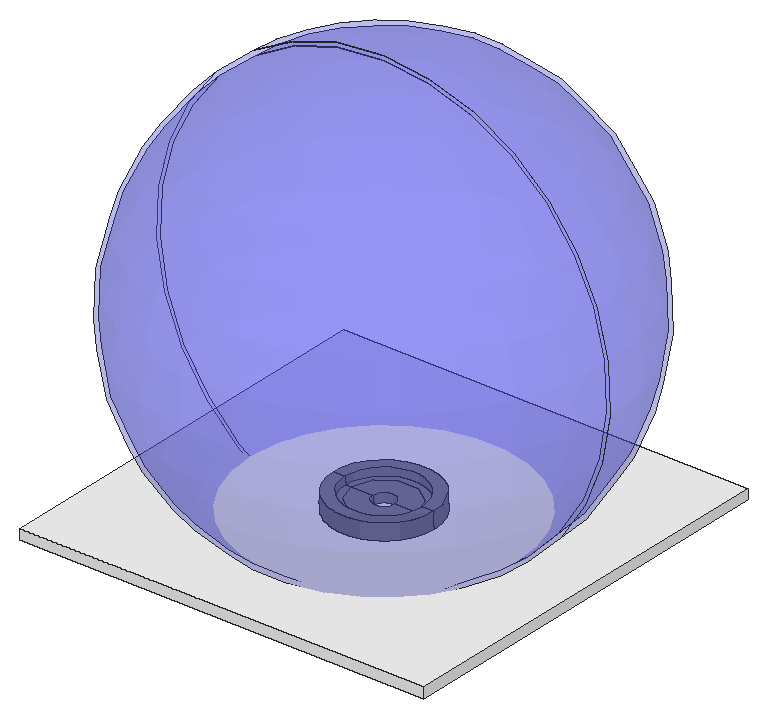
Revit family "BE_84093_de_DE", category Leuchten, Revit 2020
Family settings
  Basisbauteil = Fläche
  Bemaßung runder Anschluss = Durchmesser verwenden
  Teiletyp = Normal
  Beim Laden mit Abzugskörper schneiden = Ja
  Lichtquelle = Ja
  Gemeinsam genutzt = Nein
  Raumberechnungspunkt = Ja
Parameters (values of type "BEGA_84093_Grafit_K4")
  built-in parameter 1150104 = 16.091 (stored number, unit not read)
  Wattage = 27.6 W
  Default Elevation = 0 mm
  built-in parameter 1150113 = 1 (stored number, unit not read)
  built-in parameter 1114218 = 1 (stored number, unit not read)
  Umgebungstemperatur = "25 °C"
  URL = "https://www.bega.com/de/produkt/84093"
  Typenkommentare = "© 2022 BEGA. Wir behalten uns das Recht vor, technische Änderungen ohne vorherige Ankündigung vorzunehmen."  # constant formula
  Type Image = 84093.png
  built-in parameter 1150134 = 12
  built-in parameter 1150109 = 1 (stored number, unit not read)
  Strom = ""
  built-in parameter 1150110 = 1 (stored number, unit not read)
  Spannung = 239.996 V
  Sonderanfertigung = no
  Seriennummer [instance] = "Hier können Sie die eindeutige Seriennummer für das Facility Management eintragen."
  Schutzklasse = "I"
  Schutzart = "IP 65"
  Scheinlast = 0 VA
  Produktdatenblatt = "https://cdn.bega.com/bega/products/84093K4/current/documents/data-sheets/de"
  Oberflächentemperatur = ""
  Neigungswinkel = 0.00°
  Modell = "84093K4"
  Material_17 = BEGA_Reflektor
  Material_15 = BEGA_Leuchtmedium_matt
  Material_14 = BEGA_Kunststoff_opal
  Material_11 = BEGA_Glas_opal
  Material_09 = BEGA_Glas_klar
  Material_06 = BEGA_Oberfläche_Edelstahl_gebürstet
  Material_03 = BEGA_Oberfläche_Weiss_matt
  Material_02 = BEGA_Oberfläche_Silber_matt
  Material_01 [instance] = BEGA_Oberfläche_Grafit_matt
  M_W = no
  M_G = yes
  M_A = no
  Logo = 0
  built-in parameter 1114217 = 1 (stored number, unit not read)
  built-in parameter 1150139 = (empty or 0)
  built-in parameter 1150105 = 380.41 (stored number, unit not read)
  built-in parameter 1150114 = 1 (stored number, unit not read)
  Lumens = 4780.32 lm
  built-in parameter 1150115 = 1 (stored number, unit not read)
  Leuchtenlichtstrom = "4241 lm"
  Leuchtenanzahl = ""
  Lebensdauerkriterien = "L70B50 @ 25 °C = 200000 h"
  Lastklassifizierung = Beleuchtung
  built-in parameter 1150112 = 1 (stored number, unit not read)
  Lampenlichtstrom = "5010 lm"
  Lampe = "LED 27 W"
  LED_Modulbezeichnung = "6x LED-0539/840"
  built-in parameter 1150142 = (empty or 0)
  Hersteller = "BEGA"  # constant formula
  Halbstreuwinkel = ""
  Gewicht = "4.6 kg"
  Gebrauchslageneinschränkung [instance] = ""
  Frequenz = "0/50-60 Hz"
  Farbwiedergabeindex = "CRI > 80"
  Farbtemperaturverschiebung bei Dämpfen der Lampe = <Keine Auswahl>
  Farbtemperatur = "4000 K"
  Color Filter = 16777215
  built-in parameter 1150133 = 10 (stored number, unit not read)
  Energieeffizienzklasse = "LED A++ - A"
  built-in parameter 1150137 = (empty or 0)
  built-in parameter 1150132 = (empty or 0)
  ENEC = "ja"
  Dimmbar [instance] = "DALI"
  Datei für fotometrisches Netz = "BE_84093K4.IES"
  CE_Konformität = "ja"
  Bestellnummer = "84093K4"
  Beschreibung_Sonderanfertigung = "Hier können Sie Informationen zur Sonderanfertigung eintragen."
  Beschreibung = "Aufsatzleuchte"
  built-in parameter 1150106 = 3.8041 (stored number, unit not read)
  Befestigungsbohrung = ""
  Befestigungsabstand = ""
  Ballwurfsicher = ""
  BEGA_Intern_aus = yes
  BEGA_Intern_an = yes
  BEGA_Intern_Konstruktion = yes
  BEGA_Intern = yes
  BEGA_IES = yes
  BEGA_Dummy = no
  Anschlussleitung = "3.0 m X05BQ-F 5 G 1 mm²"
  Anschlussleistung [instance] = "30 W"
  built-in parameter 1150107 = 4000 (stored number, unit not read)
  built-in parameter 1150102 = (empty or 0)
  built-in parameter 1150138 = (empty or 0)
  Aktualisierung = "2022-05-19T04:00:07"
  Abstand_zur_angestrahlten_Fläche [instance] = ""
  AC/DC = "AC/DC"
Types (2, lengths in mm): name | built-in parameter 1150104 | built-in parameter 1150134 | Modell | built-in parameter 1150105 | Lumens | Leuchtenlichtstrom | Lampenlichtstrom | LED_Modulbezeichnung | Farbtemperatur | Datei für fotometrisches Netz | Bestellnummer | built-in parameter 1150106 | built-in parameter 1150107
  BEGA_84093_Grafit_K4 | 16.091 (stored number, unit not read) | 12 | "84093K4" | 380.41 (stored number, unit not read) | 4780.32 lm | "4241 lm" | "5010 lm" | "6x LED-0539/840" | "4000 K" | "BE_84093K4.IES" | "84093K4" | 3.8041 (stored number, unit not read) | 4000 (stored number, unit not read)
  BEGA_84093_Grafit_K3 | 14.892 (stored number, unit not read) | (empty or 0) | "84093K3" | 352.07 (stored number, unit not read) | 4424.28 lm | "4165 lm" | "4920 lm" | "6x LED-0539/830" | "3000 K" | "BE_84093K3.IES" | "84093K3" | 3.5207 (stored number, unit not read) | 3000 (stored number, unit not read)
Reference planes
  plane 1 "Mitte (Vorne/Hinten)": y = 0
  plane 2: z = 0
  plane 3 "Mitte (Links/Rechts)": x = 0
  plane 4 "Links": x = -225
  plane 5 "Rechts": x = 225
  plane 6 "Unten": y = -225
  plane 7 "Oben": y = 225
  plane 8 "Vorne": z = 401.045
  plane 9 "Hinten": z = -47
Forms (mm)
  Extrusion 1, solid, material "BEGA_Platte_Weiss"
    sketch origin (0, -1119.2, 0) x (1, 0, 0) y (0, 1, 0)
      loop
        line (-200, 1319.2) -> (-200, 919.2) -> (200, 919.2) -> (200, 1319.2) -> (-200, 1319.2)
    from 0 to -10
  Extrusion 2, solid, material "BEGA_Dummy_matt", visible <- "BEGA_Dummy"
    sketch origin (77.149, -76.023, 0) x (1, 0, 0) y (0, 1, 0)
      loop
        circle (-77.149, 76.023) r 225
    from -47 to 401.045
Dimensions and locks
  plane 1 "Mitte (Vorne/Hinten)" to Extrusion 1 = 200 mm
  aligned and locked: plane 2 to Extrusion 1
  aligned and locked: level to Extrusion 1
Nested families
  nested 1: "BE_84093" at (0, 0, 0), type "BE_84093"
Connectors
  electrical at (0, 0, 0), driven by "Lastklassifizierung", driven by "Spannung", driven by "Scheinlast"
    settings: index 1, voltage 239.996 V, apparent load 0 VA, apparent load phase1 0 VA, apparent load phase2 0 VA, apparent load phase3 0 VA, power factor 1, load classification "Beleuchtung", number of poles 1, system type 31, power factor state 1, is connector primary yes, connector utility no, sub classification motor no, connector description ""
Definition of nested family "BE_84093"
  Parameters (values of type "BE_84093")
    Default Elevation = 1 mm
    URL = "http://www.bega.de/de/produkt"
    Type Comments = "© 2015 BEGA. Wir behalten uns das Recht vor, technische Änderungen ohne vorherige Ankündigung vorzunehmen. "  # constant formula
    Type Image = (empty or 0)
    Neigungswinkel_um_Z2 = 0.00°
    Neigungswinkel_um_Z1 = 0.00°
    Neigungswinkel_um_Y2 = 0.00°
    Neigungswinkel_um_Y1 = 0.00°
    Neigungswinkel_um_X2 = 0.00°
    Neigungswinkel_um_X1 = 0.00°
    Material_17 = none
    Material_15 = none
    Material_14 = none
    Material_11 = none
    Material_09 = none
    Material_06 = none
    Material_02 = none
    Material_01 = none
    M_W = yes
    M_G = yes
    M_A = yes
    Länge_Platte = 200 mm  # constant formula
    Höhe_Platte = -10 mm  # constant formula
    Manufacturer = "BEGA"  # constant formula
    Drehwinkel_um_Z2 = 0.00°
    Drehwinkel_um_Z1 = 0.00°
    Breite_Platte = 200 mm  # constant formula
  Reference planes
    plane 1 "Mitte (Oben/Unten)": y = 0
    plane 2: z = 0
    plane 3 "Mitte (Links/Rechts)": x = 0
    plane 4 "Hinten": z = -100
    plane 5 "Links": x = -225
    plane 6 "Rechts": x = 225
    plane 7 "Oben": y = 225
    plane 8 "Unten": y = -225
    plane 9: z = 401.045
  Forms (mm)
    Extrusion 1, solid, detail levels medium
      sketch origin (0, 0, 0) x (1, 0, 0) y (0, 1, 0)
        loop
          line (-100, 100) -> (-100, -100) -> (100, -100) -> (100, 100) -> (-100, 100)
      from 0 to -10 <- "Höhe_Platte"
    Revolve 2, solid, material <- "Material_14"
      sketch origin (0, 0, 0) x (1, 0, 0) y (0, 0, 1)
        loop
          line (0, 397.039) -> (0, 401.039)
          arc (0, 401.039) -> (-218.499, 229.732) -> (-104.285, -23.335) r 225
          line (-104.285, -23.335) -> (-100, -19.05) -> (-84.75, -19.05) -> (-84.75, -24.05) -> (-82.84, -24.05) -> (-81.5, -19.05) -> (-81.5, -18.05)
          arc (-81.5, -18.05) -> (-82.379, -15.929) -> (-84.5, -15.05) r 3
          line (-84.5, -15.05) -> (-101.657, -15.05) -> (-105.021, -18.414)
          arc (-105.021, -18.414) -> (-214.26, 230.201) -> (0, 397.039) r 221
        axis (0, -24.05) -> (0, 401.039)
      angle from 0 to 360
    Revolve 3, solid, material <- "Material_01"
      sketch origin (0, 0, 0) x (1, 0, 0) y (0, 0, 1)
        loop
          line (-100.875, -21.875) -> (-103.252, -24.252)
          arc (-103.252, -24.252) -> (-75.136, -36.426) -> (-45.627, -44.667) r 225
          line (-45.627, -44.667) -> (-45, -26.7) -> (-34.077, -26.7) -> (-34.041, -4.3) -> (-36.354, -4.3) -> (-36.34, 4.7) -> (-13.812, 4.7) -> (-12.5, -10.3) -> (-9.288, -10.3) -> (-10.155, -0.387) -> (-10.88, 7.9) -> (-32.231, 7.9) -> (-38, 7.9) -> (-38.262, 15.4) -> (-49.738, 15.4) -> (-51.674, -40.039)
          arc (-51.674, -40.039) -> (-76.813, -32.416) -> (-100.875, -21.875) r 221.8
        axis (0, -44.667) -> (0, 15.4)
      angle from 0 to 360
    Revolve 4, solid, material <- "Material_01"
      sketch origin (0, 0, 0) x (1, 0, 0) y (0, 0, 1)
        loop
          line (-33.5, -29.768) -> (-37.916, -29.768) -> (-42.675, -29.934)
          arc (-42.675, -29.934) -> (-44.025, -30.525) -> (-44.604, -31.881) r 2
          line (-44.604, -31.881) -> (-44.804, -39.515) -> (-44.94, -44.721)
          arc (-44.94, -44.721) -> (-40.118, -45.929) -> (-35.264, -47) r 174.993
          line (-35.264, -47) -> (-31.82, -47) -> (-31.763, -43.719) -> (-31, 0) -> (-22.654, 0) -> (-22.5, 4.4) -> (-33.5, 4.4) -> (-33.5, -29.768)
        axis (0, -47) -> (0, 4.4)
      angle from 0 to 360
  Dimensions and locks
    equal spacing: Extrusion 1 sketch curve, plane 3 "Mitte (Links/Rechts)", Extrusion 1 sketch curve
    equal spacing: Extrusion 1 sketch curve, plane 1 "Mitte (Oben/Unten)", Extrusion 1 sketch curve
    "Länge_Platte": Extrusion 1 sketch curve to Extrusion 1 sketch curve
    "Breite_Platte": Extrusion 1 sketch curve to Extrusion 1 sketch curve
    aligned and locked: plane 2 to Extrusion 1
    aligned and locked: level to Extrusion 1
  Automatic sketch dimensions
    Revolve 2 sketch curve to Revolve 2 sketch curve = 0 mm  (x5)
    Revolve 2 sketch curve to plane 3 "Mitte (Links/Rechts)" = 0 mm  (x2)
    Revolve 2 sketch curve to level = 19.05 mm  (x2)
    Revolve 2 sketch curve to plane 3 "Mitte (Links/Rechts)" = 81.5 mm
    Revolve 2 sketch curve to Revolve 2 sketch curve = 1.34 mm
    Revolve 2 sketch curve to Revolve 2 sketch curve = 3 mm
    Revolve 2 sketch curve to Revolve 2 sketch curve = 0.25 mm
    Revolve 2 sketch curve to Revolve 2 sketch curve = 15.25 mm
    Revolve 2 sketch curve to Revolve 2 sketch curve = 1.657 mm
    Revolve 2 sketch curve to level = 23.335 mm
    Revolve 2 sketch curve to Revolve 2 sketch curve = 4.285 mm
    Revolve 2 sketch curve to level = 18.414 mm
    Revolve 2 sketch curve to Revolve 2 sketch curve = 3.364 mm
    plane 3 "Mitte (Links/Rechts)" to Revolve 2 sketch curve = 0 mm
    Revolve 2 sketch curve to Revolve 2 sketch curve = 5 mm
    Revolve 2 sketch curve to Revolve 2 sketch curve = 1 mm
    Revolve 2 sketch curve to Revolve 2 sketch curve = 4 mm
    level to Revolve 2 sketch curve = 24.95 mm
    Revolve 2 sketch curve to Revolve 2 sketch curve = 15 mm
    Revolve 3 sketch curve to plane 3 "Mitte (Links/Rechts)" = 0 mm
    Revolve 3 sketch curve to plane 3 "Mitte (Links/Rechts)" = 9.288 mm
    Revolve 3 sketch curve to level = 0.387 mm
    Revolve 3 sketch curve to Revolve 3 sketch curve = 0.867 mm
    Revolve 3 sketch curve to Revolve 3 sketch curve = 0.725 mm
    Revolve 3 sketch curve to Revolve 3 sketch curve = 3.212 mm
    level to Revolve 3 sketch curve = 4.7 mm
    Revolve 3 sketch curve to Revolve 3 sketch curve = 2.932 mm
    level to Revolve 3 sketch curve = 7.9 mm
    Revolve 3 sketch curve to Revolve 3 sketch curve = 18.419 mm
    Revolve 3 sketch curve to level = 4.3 mm
    Revolve 3 sketch curve to Revolve 3 sketch curve = 1.81 mm
    Revolve 3 sketch curve to Revolve 3 sketch curve = 0.036 mm
    Revolve 3 sketch curve to Revolve 3 sketch curve = 4.109 mm
    Revolve 3 sketch curve to Revolve 3 sketch curve = 2.314 mm
    Revolve 3 sketch curve to Revolve 3 sketch curve = 1.66 mm
    Revolve 3 sketch curve to Revolve 3 sketch curve = 0.262 mm
    Revolve 3 sketch curve to Revolve 3 sketch curve = 10.923 mm
    Revolve 3 sketch curve to Revolve 3 sketch curve = 0.627 mm
    Revolve 3 sketch curve to Revolve 3 sketch curve = 11.476 mm
    Revolve 3 sketch curve to Revolve 3 sketch curve = 6.047 mm
    Revolve 3 sketch curve to level = 21.875 mm
    Revolve 3 sketch curve to Revolve 3 sketch curve = 49.201 mm
    Revolve 3 sketch curve to level = 24.252 mm
    Revolve 3 sketch curve to Revolve 3 sketch curve = 2.377 mm
    plane 3 "Mitte (Links/Rechts)" to Revolve 3 sketch curve = 0 mm  (x2)
    Revolve 3 sketch curve to Revolve 3 sketch curve = 22.4 mm
    Revolve 3 sketch curve to Revolve 3 sketch curve = 13.339 mm
    Revolve 3 sketch curve to Revolve 3 sketch curve = 4.628 mm
    Revolve 3 sketch curve to Revolve 3 sketch curve = 9.913 mm
    Revolve 3 sketch curve to Revolve 3 sketch curve = 7.5 mm
    Revolve 3 sketch curve to Revolve 3 sketch curve = 21.472 mm
    Revolve 3 sketch curve to Revolve 3 sketch curve = 10 mm
    Revolve 4 sketch curve to level = 0 mm
    Revolve 4 sketch curve to plane 3 "Mitte (Links/Rechts)" = 0 mm
    level to Revolve 4 sketch curve = 4.4 mm
    Revolve 4 sketch curve to plane 3 "Mitte (Links/Rechts)" = 22.5 mm
    Revolve 4 sketch curve to Revolve 4 sketch curve = 0.154 mm
    Revolve 4 sketch curve to Revolve 4 sketch curve = 8.346 mm
    Revolve 4 sketch curve to plane 3 "Mitte (Links/Rechts)" = 31.82 mm
    Revolve 4 sketch curve to Revolve 4 sketch curve = 1.68 mm
    Revolve 4 sketch curve to Revolve 4 sketch curve = 3.444 mm
    Revolve 4 sketch curve to Revolve 4 sketch curve = 4.416 mm
    Revolve 4 sketch curve to Revolve 4 sketch curve = 4.689 mm
    Revolve 4 sketch curve to Revolve 4 sketch curve = 0.07 mm
    Revolve 4 sketch curve to Revolve 4 sketch curve = 9.676 mm
    plane 3 "Mitte (Links/Rechts)" to Revolve 4 sketch curve = 0.001 mm
    Revolve 4 sketch curve to level = 29.768 mm
    Revolve 4 sketch curve to Revolve 4 sketch curve = 0.166 mm
    Revolve 4 sketch curve to Revolve 4 sketch curve = 1.999 mm  (x2)
    Revolve 4 sketch curve to Revolve 4 sketch curve = 12.788 mm
    Revolve 4 sketch curve to Revolve 4 sketch curve = 2.279 mm
    Revolve 4 sketch curve to Revolve 4 sketch curve = 0.057 mm
    Revolve 4 sketch curve to Revolve 4 sketch curve = 0 mm  (x5)
    Revolve 4 sketch curve to Revolve 4 sketch curve = 0.136 mm
    Revolve 4 sketch curve to Revolve 4 sketch curve = 5.206 mm
    Revolve 4 sketch curve to Revolve 4 sketch curve = 0.006 mm
    Revolve 4 sketch curve to Revolve 4 sketch curve = 3.281 mm
    level to Revolve 4 sketch curve = 19.4 mm
    Revolve 4 sketch curve to Revolve 4 sketch curve = 5 mm
    Revolve 2 sketch curve to Revolve 2 sketch curve = 136.089 mm
